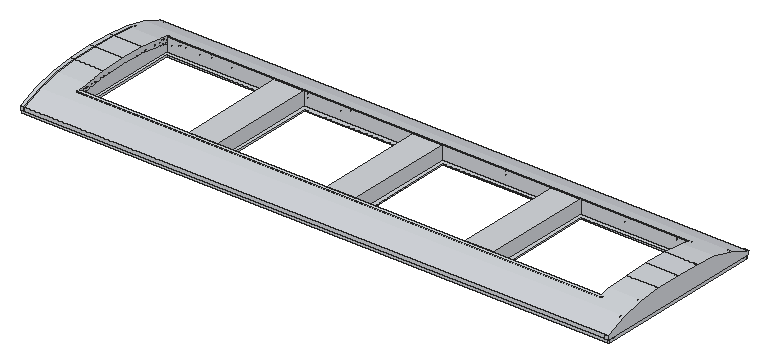
Revit family "Gira_0214726", category Electrical Fixtures, host Face, Revit 2017
Family settings
  Host = Face
  Maintain Annotation Orientation = No
  Round Connector Dimension = Use Diameter
  Part Type = Normal
  Cut with Voids When Loaded = No
  Shared = No
  Room Calculation Point = No
Parameters (values of type "Abdeckrahmen 4f Zwischenr. F Alu Gira Event Klar Weiß")
  Werkstoffgüte = "Thermoplast"
  Werkstoff = "Kunststoff"
  URL = "http://katalog.gira.de/de_DE/datenblatt.html?artikelnr=0214726"
  Transparent = "No"
  Textfeld/Beschriftungsfläche = "No"
  Schutzart (IP) = "IP20"
  Region = "DE"
  Oberfläche = "Sandguss"
  Name = "Abdeckrahmen 4f Zwischenr. F Alu Gira Event Klar Weiß"
  Montagerichtung = "horizontal und vertikal"
  Mit Montagerahmen = "No"
  Mit Klappdeckel = "No"
  Manufacturer URL = "https://www.gira.de/"
  Keynote = "Event_Rahmen_4fach"
  HeinzeBIM = "https://bimportal.heinze.de/bim/abdeckrahmen-4f-zwischenr-f-alu-gira-event-klar-weiss/782a8fc3d6687cf1bf65f94959a20bad9f981b71"
  Halogenfrei = "Yes"
  HAN = "0214726"
  Geeignet für Unterputz-Installation = "No"
  Geeignet für Unterflurkanaldose = "No"
  Geeignet für Geräteeinbaukanal = "No"
  Geeignet für Einbauinstallation = "No"
  GTIN = "4010337068730"
  Farbe = "weiß"
  Default Elevation = 1219.2 mm
  Data sheet (1) = "https://katalog.gira.de/de_DE/download.html?artikelnr=0214726"
  Category = "Abdeckrahmen"
  Befestigungsart = "sonstige"
  Available = "Yes"
  Anzahl der Einheiten vertikal = "4 "
  Anzahl der Einheiten horizontal = "4 "
  Anzahl der Einheiten = "4 "
Reference planes
  plane 1 "Center (Front/Back)": y = 0
  plane 2: z = 0
  plane 3 "Center (Left/Right)": x = 0
Forms (mm)
  Extrusion 1, solid, detail levels fine
    sketch origin (0, 0, 0.05) x (0, 1, 0) y (0, 0, 1)
      loop
        arc (12.445, 9.683) -> (6.223, 9.833) -> (0, 9.85) r 291.636
        arc (0, 9.85) -> (-6.223, 9.833) -> (-12.445, 9.683) r 291.636
        arc (-12.445, 9.683) -> (-29.14, 7.482) -> (-45, 1.823) r 79.728
        line (-45, 1.823) -> (-45, -0.05) -> (-42.086, -0.05)
        arc (-42.086, -0.05) -> (-21.385, 5.559) -> (0, 7.206) r 114.424
        arc (0, 7.206) -> (21.385, 5.559) -> (42.086, -0.05) r 114.424
        line (42.086, -0.05) -> (45, -0.05) -> (45, 1.823)
        arc (45, 1.823) -> (29.14, 7.482) -> (12.445, 9.683) r 79.728
    from -151.95 to 151.935
  Extrusion 2, void, detail levels fine
    sketch origin (0, 0, 0) x (1, 0, 0) y (0, 1, 0)
      loop
        line (134.95, 28.035) -> (-134.95, 28.035) -> (-134.95, -28.035) -> (134.95, -28.035) -> (134.95, 28.035)
    from 0.724 to 11
  Extrusion 3, solid, detail levels coarse
    sketch origin (0, 0, 0) x (1, 0, 0) y (0, 1, 0)
      loop
        line (-151.95, 45) -> (-151.95, -45) -> (151.935, -45) -> (151.935, 45) -> (-151.95, 45)
    from -1.5 to 9.9
  Extrusion 4, solid, detail levels medium
    sketch origin (0, 0, 0.05) x (0, 1, 0) y (0, 0, 1)
      loop
        arc (12.445, 9.683) -> (6.223, 9.833) -> (0, 9.85) r 291.636
        arc (0, 9.85) -> (-6.223, 9.833) -> (-12.445, 9.683) r 291.636
        arc (-12.445, 9.683) -> (-29.14, 7.482) -> (-45, 1.823) r 79.728
        line (-45, 1.823) -> (-45, -0.05) -> (45, -0.05) -> (45, 1.823)
        arc (45, 1.823) -> (29.14, 7.482) -> (12.445, 9.683) r 79.728
    from -151.95 to 151.935
  Extrusion 5, solid, detail levels fine
    sketch origin (-106.95, 0, -1.5) x (0, 1, 0) y (0, 0, -1)
      loop
        line (45, -3.373) -> (45, -1.5) -> (-45, -1.5) -> (-45, -3.373)
        arc (-45, -3.373) -> (-29.14, -9.032) -> (-12.445, -11.233) r 79.728
        arc (-12.445, -11.233) -> (-6.223, -11.383) -> (0, -11.4) r 291.636
        arc (0, -11.4) -> (6.223, -11.383) -> (12.445, -11.233) r 291.636
        arc (12.445, -11.233) -> (29.14, -9.032) -> (45, -3.373) r 79.728
    from 43 to 45
  Extrusion 6, solid, detail levels fine
    sketch origin (0, 0, 0) x (1, 0, 0) y (0, 1, 0)
      loop
        line (-132.85, 25.7) -> (-132.85, -25.7) -> (-81.05, -25.7) -> (-81.05, 25.7) -> (-132.85, 25.7)
      loop
        line (-9.755, -25.7) -> (-9.755, 25.7) -> (-61.555, 25.7) -> (-61.555, -25.7) -> (-9.755, -25.7)
      loop
        line (-135.845, 28.49) -> (-135.845, -28.495)
        spline (-135.845, -28.495) -> (-135.836, -28.625) -> (-135.811, -28.754) -> (-135.769, -28.878) -> (-135.711, -28.995) -> (-135.638, -29.104) -> (-135.552, -29.202) -> (-135.454, -29.288) -> (-135.345, -29.361) -> (-135.228, -29.419) -> (-135.104, -29.461) -> (-134.975, -29.486) -> (-134.845, -29.495)
        line (-134.845, -29.495) -> (134.845, -29.495)
        spline (134.845, -29.495) -> (134.975, -29.486) -> (135.104, -29.461) -> (135.228, -29.419) -> (135.345, -29.361) -> (135.454, -29.288) -> (135.552, -29.202) -> (135.638, -29.104) -> (135.711, -28.995) -> (135.769, -28.878) -> (135.811, -28.754) -> (135.836, -28.625) -> (135.845, -28.495)
        line (135.845, -28.495) -> (135.845, 28.49)
        spline (135.845, 28.49) -> (135.836, 28.62) -> (135.811, 28.748) -> (135.769, 28.872) -> (135.711, 28.99) -> (135.638, 29.098) -> (135.552, 29.197) -> (135.454, 29.283) -> (135.345, 29.356) -> (135.228, 29.413) -> (135.104, 29.456) -> (134.975, 29.481) -> (134.845, 29.49)
        line (134.845, 29.49) -> (-134.845, 29.49)
        spline (-134.845, 29.49) -> (-134.975, 29.481) -> (-135.104, 29.456) -> (-135.228, 29.413) -> (-135.345, 29.356) -> (-135.454, 29.283) -> (-135.552, 29.197) -> (-135.638, 29.098) -> (-135.711, 28.99) -> (-135.769, 28.872) -> (-135.811, 28.748) -> (-135.836, 28.62) -> (-135.845, 28.49)
      loop
        line (61.545, -25.7) -> (61.545, 25.7) -> (9.745, 25.7) -> (9.745, -25.7) -> (61.545, -25.7)
      loop
        line (132.85, -25.7) -> (132.85, 25.7) -> (81.05, 25.7) -> (81.05, -25.7) -> (132.85, -25.7)
    from 0.1 to 7.3
  Extrusion 7, solid
    sketch origin (0, 0, 0) x (1, 0, 0) y (0, 1, 0)
      loop
        arc (-151.65, -44.218) -> (-151.504, -44.572) -> (-151.15, -44.718) r 0.5
        line (-151.15, -44.718) -> (151.15, -44.718)
        arc (151.15, -44.718) -> (151.504, -44.572) -> (151.65, -44.218) r 0.5
        line (151.65, -44.218) -> (151.65, 44.182)
        arc (151.65, 44.182) -> (151.504, 44.535) -> (151.15, 44.682) r 0.5
        line (151.15, 44.682) -> (-151.15, 44.682)
        arc (-151.15, 44.682) -> (-151.504, 44.535) -> (-151.65, 44.182) r 0.5
        line (-151.65, 44.182) -> (-151.65, -44.218)
      loop
        line (-149.95, 42.982) -> (-149.95, -43.018) -> (149.95, -43.018) -> (149.95, 42.982) -> (-149.95, 42.982)
    from -1.5 to 0.5
  Extrusion 8, solid, detail levels fine
    sketch origin (106.935, 0, -1.5) x (0, 1, 0) y (0, 0, 1)
      loop
        arc (45, 3.373) -> (29.14, 9.032) -> (12.445, 11.233) r 79.728
        arc (12.445, 11.233) -> (6.223, 11.383) -> (0, 11.4) r 291.636
        arc (0, 11.4) -> (-6.223, 11.383) -> (-12.445, 11.233) r 291.636
        arc (-12.445, 11.233) -> (-29.14, 9.032) -> (-45, 3.373) r 79.728
        line (-45, 3.373) -> (-45, 1.5) -> (45, 1.5) -> (45, 3.373)
    from 43 to 45
  Extrusion 9, solid, detail levels medium
    sketch origin (0, 0, 0) x (1, 0, 0) y (0, 1, 0)
      loop
        line (-151.65, -44.718) -> (151.65, -44.718) -> (151.65, 44.682) -> (-151.65, 44.682) -> (-151.65, -44.718)
    from -1.5 to 0.5
  Extrusion 10, solid, detail levels fine
    sketch origin (-69.857, 0, 0) x (1, 0, 0) y (0, 1, 0)
      loop
        line (-8.943, 28.063) -> (-8.943, -27.937) -> (6.057, -27.937) -> (6.057, 28.063) -> (-8.943, 28.063)
    from 0.724 to 7.566
  Extrusion 11, solid, detail levels fine
    sketch origin (-1.443, 0, 0) x (-1, 0, 0) y (0, -1, 0)
      loop
        line (-8.943, -28.063) -> (6.057, -28.063) -> (6.057, 27.937) -> (-8.943, 27.937) -> (-8.943, -28.063)
    from 0.724 to 7.566
  Extrusion 12, solid, detail levels fine
    sketch origin (69.857, 0, 0) x (-1, 0, 0) y (0, -1, 0)
      loop
        line (-8.943, -28.063) -> (6.057, -28.063) -> (6.057, 27.937) -> (-8.943, 27.937) -> (-8.943, -28.063)
    from 0.724 to 7.566
Cuts and joins
  Extrusion 2 cuts Extrusion 1
  Extrusion 2 cuts Extrusion 6
Dimensions and locks
  aligned and locked: plane 2 to host face
  aligned and locked: level to host face
